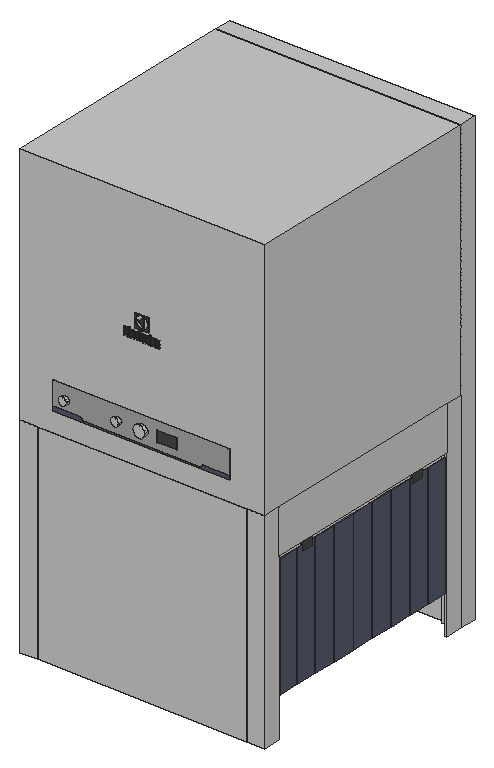
Revit family "QF_ELECTROLUXPROFESSIONAL_504350_ETHDE1", category Specialty Equipment, Revit 2018 (continued)
Automatic sketch dimensions
  Extrusion 18 sketch curve to Extrusion 18 sketch curve = 1.996 mm
  Extrusion 18 sketch curve to Extrusion 18 sketch curve = 2.008 mm
  Extrusion 18 sketch curve to Extrusion 18 sketch curve = 3.065 mm
  Extrusion 18 sketch curve to Extrusion 18 sketch curve = 2.265 mm  (x4)
  Extrusion 18 sketch curve to Extrusion 18 sketch curve = 0.004 mm  (x2)
  Extrusion 18 sketch curve to Extrusion 18 sketch curve = 0.047 mm
  Extrusion 18 sketch curve to Extrusion 18 sketch curve = 0.07 mm
  Extrusion 18 sketch curve to Extrusion 18 sketch curve = 3.772 mm
  Extrusion 18 sketch curve to Extrusion 18 sketch curve = 3.876 mm
  Extrusion 18 sketch curve to Extrusion 18 sketch curve = 2.116 mm  (x2)
  Extrusion 18 sketch curve to Extrusion 18 sketch curve = 2.262 mm  (x2)
  Extrusion 18 sketch curve to Extrusion 18 sketch curve = 2.329 mm  (x2)
  Extrusion 18 sketch curve to Extrusion 18 sketch curve = 2.496 mm
  Extrusion 18 sketch curve to Extrusion 18 sketch curve = 1.452 mm
  Extrusion 18 sketch curve to Extrusion 18 sketch curve = 1.598 mm  (x2)
  Extrusion 18 sketch curve to Extrusion 18 sketch curve = 3.329 mm
  Extrusion 18 sketch curve to Extrusion 18 sketch curve = 0.348 mm
  Extrusion 18 sketch curve to Extrusion 18 sketch curve = 4.131 mm
  Extrusion 18 sketch curve to Extrusion 18 sketch curve = 1.697 mm
  Extrusion 18 sketch curve to Extrusion 18 sketch curve = 2.839 mm
  Extrusion 18 sketch curve to Extrusion 18 sketch curve = 0.166 mm
  Extrusion 18 sketch curve to Extrusion 18 sketch curve = 0.141 mm
  Extrusion 18 sketch curve to Extrusion 18 sketch curve = 2.155 mm
  Extrusion 18 sketch curve to Extrusion 18 sketch curve = 2.739 mm
  Extrusion 18 sketch curve to Extrusion 18 sketch curve = 0.58 mm
  Extrusion 18 sketch curve to Extrusion 18 sketch curve = 3.264 mm  (x3)
  Extrusion 18 sketch curve to Extrusion 18 sketch curve = 0.643 mm
  Extrusion 18 sketch curve to Extrusion 18 sketch curve = 0.871 mm
  Extrusion 18 sketch curve to Extrusion 18 sketch curve = 0.269 mm
  Extrusion 18 sketch curve to Extrusion 18 sketch curve = 1.817 mm
  Extrusion 18 sketch curve to Extrusion 18 sketch curve = 1.838 mm
  Extrusion 18 sketch curve to Extrusion 18 sketch curve = 3.988 mm
  Extrusion 18 sketch curve to Extrusion 18 sketch curve = 1.743 mm
  Extrusion 18 sketch curve to Extrusion 18 sketch curve = 1.776 mm
  Extrusion 18 sketch curve to Extrusion 18 sketch curve = 4.274 mm
  Extrusion 18 sketch curve to Extrusion 18 sketch curve = 1.273 mm
  Extrusion 18 sketch curve to Extrusion 18 sketch curve = 2.637 mm  (x2)
  Extrusion 18 sketch curve to Extrusion 18 sketch curve = 2.954 mm
  Extrusion 18 sketch curve to Extrusion 18 sketch curve = 3.672 mm
  Extrusion 18 sketch curve to Extrusion 18 sketch curve = 0.103 mm
  Extrusion 18 sketch curve to Extrusion 18 sketch curve = 2.809 mm
  Extrusion 18 sketch curve to Extrusion 18 sketch curve = 1.141 mm
  Extrusion 18 sketch curve to Extrusion 18 sketch curve = 2.282 mm
  Extrusion 18 sketch curve to Extrusion 18 sketch curve = 2.338 mm
  Extrusion 18 sketch curve to Extrusion 18 sketch curve = 0.6 mm
  Extrusion 18 sketch curve to Extrusion 18 sketch curve = 2.258 mm
  Extrusion 18 sketch curve to Extrusion 18 sketch curve = 2.106 mm
  Extrusion 18 sketch curve to Extrusion 18 sketch curve = 1.548 mm
  Extrusion 18 sketch curve to Extrusion 18 sketch curve = 6.073 mm
  Extrusion 18 sketch curve to Extrusion 18 sketch curve = 2.396 mm
  Extrusion 18 sketch curve to Extrusion 18 sketch curve = 3.403 mm
  Extrusion 18 sketch curve to Extrusion 18 sketch curve = 2.331 mm
  Extrusion 18 sketch curve to Extrusion 18 sketch curve = 3.986 mm
  Extrusion 18 sketch curve to Extrusion 18 sketch curve = 3.987 mm
  Extrusion 18 sketch curve to Extrusion 18 sketch curve = 4.942 mm
  Extrusion 18 sketch curve to Extrusion 18 sketch curve = 6.311 mm
  Extrusion 18 sketch curve to Extrusion 18 sketch curve = 1.493 mm
  Extrusion 18 sketch curve to Extrusion 18 sketch curve = 0.4 mm
  Extrusion 18 sketch curve to Extrusion 18 sketch curve = 2.652 mm
  Extrusion 18 sketch curve to Extrusion 18 sketch curve = 0.211 mm
  Extrusion 18 sketch curve to Extrusion 18 sketch curve = 0.054 mm
  Extrusion 18 sketch curve to Extrusion 18 sketch curve = 1.804 mm
  Extrusion 18 sketch curve to Extrusion 18 sketch curve = 2.253 mm
  Extrusion 18 sketch curve to Extrusion 18 sketch curve = 1.698 mm
  Extrusion 18 sketch curve to Extrusion 18 sketch curve = 1.246 mm  (x2)
  Extrusion 18 sketch curve to Extrusion 18 sketch curve = 1.098 mm  (x2)
  Extrusion 18 sketch curve to Extrusion 18 sketch curve = 0.822 mm  (x2)
  Extrusion 18 sketch curve to Extrusion 18 sketch curve = 0.263 mm  (x2)
  Extrusion 18 sketch curve to Extrusion 18 sketch curve = 0.49 mm  (x2)
  Extrusion 18 sketch curve to Extrusion 18 sketch curve = 0.278 mm  (x2)
  Extrusion 18 sketch curve to Extrusion 18 sketch curve = 0.257 mm  (x2)
  Extrusion 18 sketch curve to Extrusion 18 sketch curve = 0.125 mm  (x2)
  curve 1 to plane 3 "LEFT" = 0.0 mm
  plane 8 "Back" to curve 9 = 0.0 mm
  curve 5 to plane 10 = 45.0 mm
  curve 3 to plane 4 "RIGHT" = 0.0 mm
  curve 3 to plane 7 "FRONT" = 0.0 mm
  plane 7 "FRONT" to curve 8 = 10.0 mm
  plane 3 "LEFT" to curve 8 = 44.5 mm
  curve 7 to curve 5 = 44.5 mm
  radius of Extrusion 13 sketch curve = 10.0 mm
  radius of Extrusion 14 sketch curve = 10.0 mm  (x2)
  radius of Extrusion 14 sketch curve = 15.0 mm
  radius of Extrusion 17 sketch curve = 10.0 mm  (x2)
  radius of Extrusion 17 sketch curve = 15.0 mm
  radius of Extrusion 18 sketch curve = 2.585 mm  (x2)
  radius of Extrusion 18 sketch curve = 1.64 mm
  radius of Extrusion 18 sketch curve = 1.548 mm
Connectors
  electrical at (140.437, 320.258, 1535)
    settings: on Extrusion 13, index 1, voltage 0 V, apparent load 0 VA, apparent load phase1 0 VA, apparent load phase2 0 VA, apparent load phase3 0 VA, power factor 1, load classification "Other", number of poles 1, system type 30, power factor state 1, is connector primary yes, connector utility no, sub classification motor no, connector description "ELECTRICAL CONNECTION"
